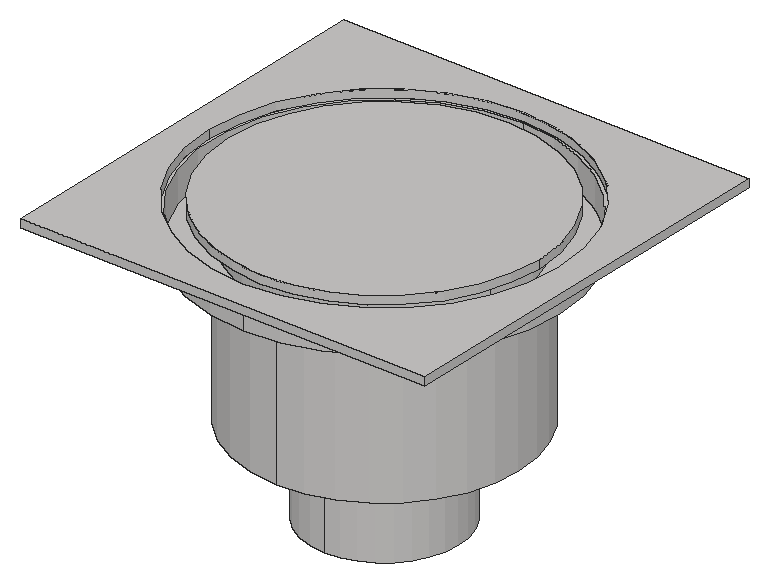
Revit family "QF_ZANUSSI_328050_FDE3030", category Attrezzature speciali, Revit 2020
Family settings
  Quota connettore circolare = Usa diametro
  Tipo di parte = Normale
  Basato su piano di lavoro = No
  Sempre verticale = Sì
  Taglio con vuoti quando caricato = No
  Condiviso = No
  Punto di calcolo locali = No
Parameters (values of type "Standard")
  Weight = 11.0231 lbm
  Watts = 0 W
  Volts = 0 V
  URL Manufacturer = "http://www.zanussiprofessional.com"
  URL = "http://www.zanussiprofessional.com"
  Steam Supply Size = 0"
  Steam Supply Minimum Pressure = 0.00 psi
  Steam Supply Maximum Pressure = 0.00 psi
  Steam Consumption per Hour = 0
  Refrigeration Suction Line Size = 0 mm
  Refrigeration Liquid Line Size = 0 mm
  Refrigerant Compressor Remote = yes
  Prospetto di default = 0 mm
  Phase = 0
  Modello = "FDE3030"
  Produttore = "Zanussi"
  Length Actual = 300 mm  # constant formula
  Item Number = "328050"
  Hot Water Size = 0"
  Height Actual = 208 mm  # constant formula
  HP = "0 HP"
  Gas Size = 0"
  Gas KW = 0
  Gas Input Pressure = 0.0 Btu/h
  Direct Waste Size = 3.93701"
  Descrizione = "FLOOR DRAIN+SOL.TOP-VERT.OUTLET 300X300"
  Depth Actual = 300 mm  # constant formula
  Cycle = 0 Hz
  Condensate Return Size = 0"
  Compressed Air Volume = 0 GPM
  Compressed Air Size = 0"
  Compressed Air Pressure = 0.00 psi
  Cold Water Size = 0"
  Assembly Code = ""
  Accessory = yes
Reference planes
  plane 1: z = 0
  plane 2 "Center (Front/Back)": y = -102.225
  plane 3 "Center (Left/Right)": x = 9.791
  plane 4 "TOP": z = -210
  plane 5 "Back": y = 47.775
  plane 6 "Front": y = -252.225
  plane 7: x = -140.209
  plane 8: x = 159.791
Forms (mm)
  Extrusion 1, solid, material "QF_Finishes_Stainless Steel"
    sketch origin (0, 0, 0) x (1, 0, 0) y (0, 1, 0)
      loop
        line (-140.209, 47.775) -> (-140.209, -252.225) -> (159.791, -252.225) -> (159.791, 47.775) -> (-140.209, 47.775)
      loop
        circle (9.791, -102.225) r 130
      loop
        circle (9.791, -102.225) r 115
    from 1 to -5
  Revolve 2, solid, material "QF_Metal-Stainless-Polished"
    sketch origin (9.791, 0, 0) x (0, 1, 0) y (0, 0, 1)
      loop
        line (25.775, -5) -> (25.775, -28) -> (-4.225, -28) -> (-4.225, -143) -> (-49.225, -143) -> (-49.225, -210) -> (-47.225, -210) -> (-47.225, -145) -> (-2.225, -145) -> (-2.225, -30) -> (27.775, -30) -> (27.775, -5) -> (25.775, -5)
      axis (-102.225, -210) -> (-102.225, -5)
    angle from 0 to 360
Lines and regions (mm)
  symbolic lines
    curve 1: line (-140.209, 47.775, 0) -> (159.791, 47.775, 0)
    curve 2: line (-140.209, -252.225, 0) -> (-140.209, 47.775, 0)
    curve 3: line (159.791, -252.225, 0) -> (-140.209, -252.225, 0)
    curve 4: line (159.791, 47.775, 0) -> (159.791, -252.225, 0)
    curve 5: circle (9.791, -102.225, 0) r 130 normal (0, 0, 1)
    curve 6: circle (9.791, -102.225, 0) r 115 normal (0, 0, 1)
Dimensions and locks
  equal spacing: plane 5 "Back", plane 2 "Center (Front/Back)", plane 6 "Front"
  plane 5 "Back" to plane 6 "Front" = 300 mm
  equal spacing: plane 8, plane 3 "Center (Left/Right)", plane 7
  plane 8 to plane 7 = 300 mm
  aligned and locked: level to plane 1
Automatic sketch dimensions
  Extrusion 1 sketch curve to Extrusion 1 sketch curve = 0 mm  (x2)
  plane 5 "Back" to Extrusion 1 sketch curve = 0 mm
  Extrusion 1 sketch curve to plane 7 = 0 mm
  Extrusion 1 sketch curve to plane 2 "Center (Front/Back)" = 0 mm
  Extrusion 1 sketch curve to plane 3 "Center (Left/Right)" = 0 mm
  plane 6 "Front" to Extrusion 1 sketch curve = 0 mm
  Extrusion 1 sketch curve to plane 8 = 0 mm
  Revolve 2 sketch curve to plane 4 "TOP" = 0 mm
  plane 2 "Center (Front/Back)" to Revolve 2 sketch curve = 53 mm
  Revolve 2 sketch curve to Revolve 2 sketch curve = 2 mm  (x5)
  Revolve 2 sketch curve to level = 28 mm
  plane 5 "Back" to Revolve 2 sketch curve = 52 mm
  Revolve 2 sketch curve to Revolve 2 sketch curve = 28 mm
  Revolve 2 sketch curve to level = 5 mm
  Revolve 2 sketch curve to Revolve 2 sketch curve = 65 mm
  curve 5 to curve 6 = 0 mm  (x2)
  plane 5 "Back" to curve 1 = 0 mm
  curve 1 to plane 7 = 0 mm
  curve 5 to plane 2 "Center (Front/Back)" = 0 mm
  curve 5 to plane 3 "Center (Left/Right)" = 0 mm
  plane 6 "Front" to curve 4 = 0 mm
  curve 4 to plane 8 = 0 mm
  radius of Extrusion 1 sketch curve = 130 mm
  radius of Extrusion 1 sketch curve = 115 mm
  radius of curve 5 = 130 mm
  radius of curve 6 = 115 mm
Connectors
  piping at (9.791, -102.225, -210), diameter 100, driven by "Direct Waste Size"
    settings: on Revolve 2, index 1, connector inside diameter 24", connector length 0 mm, flow factor 0, pipe flow 0 GPM, pressure drop 0.00 psi, fitting loss kfactor 0, connector angle 0.00°, fixture units 0, engagement length 0 mm, angle of deflection 0.00°, flow configuration 1, flow direction 2, fitting loss method 0, system type 16, joint type 0, gender type 0, connector reference index -1, connector utility 0, adjustable connector no, is connector primary yes, connector description "Drain"
